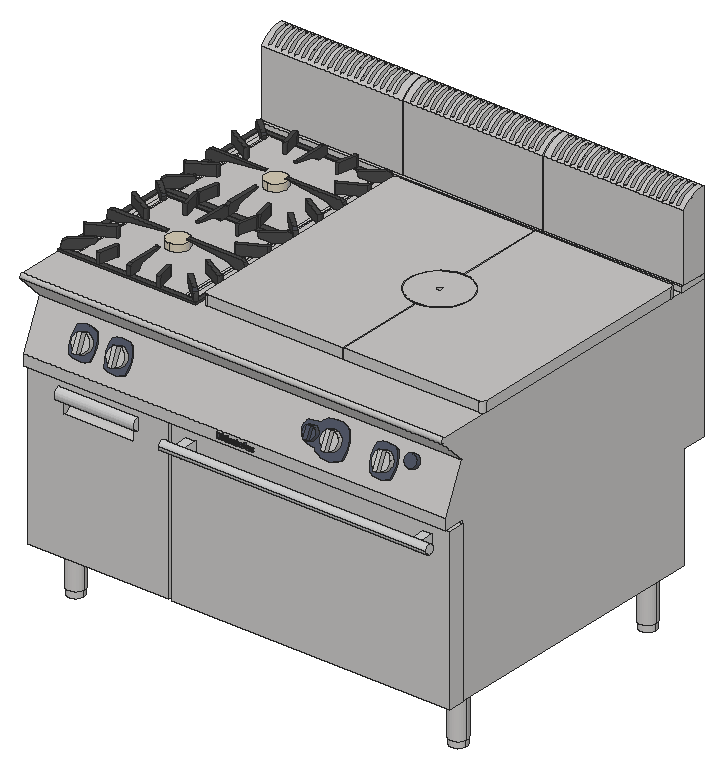
Revit family "QF_ELECTROLUXPROFESSIONAL_391215_E9STGL3031", category Specialty Equipment, Revit 2018
Family settings
  Round Connector Dimension = Use Diameter
  Part Type = Normal
  Work Plane-Based = No
  Always vertical = Yes
  Cut with Voids When Loaded = No
  Shared = No
  Room Calculation Point = No
Parameters
  Width = 1200 mm  # constant formula
  Weight in Pounds = 207  # constant formula
  Watts = 0 W
  Volts = 230 V
  URL Cutsheet = "www.electrolux.com"
  URL = "www.electrolux.com"
  Type Mark [instance] = ""
  Status [instance] = ""
  Specification by User [instance] = ""
  Specification by Manufacturer = ""
  Show Logo [instance] = yes
  Show Clearance [instance] = yes
  Serial Number = ""
  Seismic Rating = ""
  SMACNA No = ""
  Revision Code [instance] = ""
  Phase = 1
  Omniclass Number and Title = ""
  Number of Poles [instance] = 1
  NAFEM Spec ID Number = ""
  Model = "391215"
  Min Ckt Ampacity = 0 A
  Mechanical Remarks [instance] = ""
  Mechanical Connection Type [instance] = ""
  Max Overcurrent Protection = 0 A
  Masterspec = ""
  Manufacturer = "ELECTROLUX"
  Item Number [instance] = ""
  Installed By [instance] = ""
  Identify Quantity as Lot [instance] = yes
  Height = 909 mm  # constant formula
  HP = "0.3 HP"
  Gas Size = 12.7 mm  # 1/2"
  Gas RI Height [instance] = 0 mm
  Gas KW [instance] = 37  # constant formula
  Gas Input [instance] = 126133.0 Btu/h
  Gas Connection Height = 0 mm
  Furnished By [instance] = ""
  Foodservice Equipment Identifier [instance] = yes
  FL Amps = if(Phase = 3, Watts / (Volts * 1.73), Watts / Volts)  # 0 A
  Electrical Remarks = "230 V/1N ph/50/60 Hz"
  Electric Connection Type [instance] = ""
  Elec Conn RI Height [instance] = 0 mm
  Elec Conn Connection Height [instance] = 0 mm
  Direct Waste Size = 0"
  Description = "900XP GAS SOLID TOP, CONVECTION OVEN WITH TWO BURNERS AND CUPBOARD- LPG/NATURAL GAS"
  Depth = 700 mm  # constant formula
  Cycle = if([60 Hertz Option], 60 Hz, 50 Hz)  # 50 Hz
  Conn Plug = ""
  Conn Conduit = yes
  CSI MasterFormat = ""
  CSI Master Format = ""
  Assembly Code = ""
  Apparent Power = if(Phase = 3, Volts * FL Amps * 1.73, Volts * FL Amps)  # 0 VA
  60 Hertz Option = not([50 Hertz Option])  # no
  50 Hertz Option = yes
Reference planes
  plane 1 "BACK": y = 0
  plane 2: z = 0
  plane 3 "LEFT": x = 0
  plane 4 "RIGHT": x = 1200
  plane 5 "FRONT": y = -930
  plane 6 "TOP": z = 908
  plane 7 "Center Y": x = 600
  plane 8 "Center X": y = -465
  plane 9 "Base": z = 150
  plane 10: z = 851
  plane 11: y = -128
  plane 12: y = -802
  plane 13: y = -1309
  plane 14: y = -577
  plane 15: x = 1144
  plane 16: x = 56
  plane 17: z = 1089
  plane 18: x = 952
Forms (mm)
  Revolve 1, solid, material "QF_Finishes_Stainless Steel"
    sketch origin (1, -128, 0) x (1, 0, 0) y (0, 0, 1)
      loop
        line (55, 0) -> (55, 150) -> (29.6, 150) -> (29.6, 19.05) -> (32.1, 19.05) -> (32.1, 0) -> (55, 0)
      axis (55, 0) -> (55, 150)
    angle from 0 to 360
  Revolve 2, solid, material "QF_Finishes_Stainless Steel"
    sketch origin (1, -802, 0) x (1, 0, 0) y (0, 0, 1)
      loop
        line (55, 0) -> (55, 150) -> (29.6, 150) -> (29.6, 19.05) -> (32.1, 19.05) -> (32.1, 0) -> (55, 0)
      axis (55, 0) -> (55, 150)
    angle from 0 to 360
  Revolve 3, solid, material "QF_Finishes_Stainless Steel"
    sketch origin (799, -128, 0) x (-1, 0, 0) y (0, 0, -1)
      loop
        line (-345, 0) -> (-367.9, 0) -> (-367.9, -19.05) -> (-370.4, -19.05) -> (-370.4, -150) -> (-345, -150) -> (-345, 0)
      axis (-345, 0) -> (-345, -150)
    angle from 0 to 360
  Revolve 4, solid, material "QF_Finishes_Stainless Steel"
    sketch origin (799, -802, 0) x (-1, 0, 0) y (0, 0, -1)
      loop
        line (-345, 0) -> (-367.9, 0) -> (-367.9, -19.05) -> (-370.4, -19.05) -> (-370.4, -150) -> (-345, -150) -> (-345, 0)
      axis (-345, 0) -> (-345, -150)
    angle from 0 to 360
  Extrusion 5, solid, material "QF_Finishes_Stainless Steel"
    sketch origin (0, 0, 0) x (0, 1, 0) y (0, 0, 1)
      loop
        line (0, 450) -> (0, 851) -> (-921.37, 851)
        arc (-921.37, 851) -> (-929.343, 845.673) -> (-927.472, 836.268) r 8.63
        line (-927.472, 836.268) -> (-860.266, 766.933) -> (-915.833, 641.576) -> (-915.833, 610.279) -> (-857.839, 614.975)
        arc (-857.839, 614.975) -> (-855.314, 614.227) -> (-854.222, 611.831) r 3.175
        line (-854.222, 611.831) -> (-854.222, 150) -> (-71, 150) -> (-71, 450) -> (0, 450)
    from 0 to 1200
  Extrusion 6, solid, material "QF_Finishes_Stainless Steel"
    sketch origin (0, -854.222, 611.831) x (0, 0, -1) y (1, 0, 0)
      loop
        line (461.831, 408.5) -> (461.831, 1200) -> (9.61, 1200) -> (9.61, 408.5) -> (461.831, 408.5)
      loop
        line (461.831, 0) -> (461.831, 400.5) -> (9.61, 400.5) -> (9.61, 0) -> (461.831, 0)
      loop
        line (95.781, 100.253) -> (95.781, 300.8) -> (44.981, 300.8) -> (44.981, 100.253) -> (95.781, 100.253)
    from 3.175 to 47.778
  Extrusion 7, solid, material "QF_Finishes_Stainless Steel"
    sketch origin (0, 0, 576.213) x (0, 1, 0) y (0, 0, 1)
      loop
        line (0, 274.787) -> (0, 289.075) -> (-78.2, 289.075) -> (-78.2, 274.787) -> (0, 274.787)
    from 0 to 1200
  Extrusion 8, solid, material "QF_Door-Drawer Clearances", visible <- "Show Clearance", detail levels coarse
    sketch origin (0, -199.871, 0) x (0, 1, 0) y (0, 0, 1)
      loop
        line (-1109, 150) -> (-700, 150) -> (-700, 601.405)
        arc (-700, 601.405) -> (-991.543, 454.568) -> (-1109, 150) r 453.603
    from 0 to 1200
  Extrusion 9, solid, material "QF_Clearances", visible <- "Show Clearance", detail levels coarse
    sketch origin (0, -199.871, 0) x (1, 0, 0) y (0, 1, 0)
      loop
        line (-100, -730.129) -> (0, -730.129) -> (0, 199.871) -> (1200, 199.871) -> (1200, -730.129) -> (1300, -730.129) -> (1300, 299.871) -> (-100, 299.871) -> (-100, -730.129)
    from 0 to 1089
  Extrusion 10, solid, material "QF_Finishes_Handrails and Railings"
    sketch origin (400, -199.871, 0) x (0, 1, 0) y (0, 0, 1)
      loop
        line (-700, 580.101) -> (-738.678, 577.396)
        arc (-738.678, 577.396) -> (-739.871, 563.589) -> (-752.981, 559.093) r 12.7
        arc (-752.981, 559.093) -> (-752.44, 558.276) -> (-751.841, 557.501) r 13.441
        arc (-751.841, 557.501) -> (-750.036, 556.055) -> (-747.808, 555.435) r 5.77
        line (-747.808, 555.435) -> (-700, 552.092) -> (-700, 580.101)
    from 50.8 to 76.2
  Extrusion 11, solid, material "QF_Finishes_Handrails and Railings"
    sketch origin (1200, -199.871, 0) x (0, 1, 0) y (0, 0, -1)
      loop
        line (-700, -580.101) -> (-700, -552.092) -> (-747.808, -555.435)
        arc (-747.808, -555.435) -> (-750.036, -556.055) -> (-751.841, -557.501) r 5.77
        arc (-751.841, -557.501) -> (-752.44, -558.276) -> (-752.981, -559.093) r 13.441
        arc (-752.981, -559.093) -> (-739.871, -563.589) -> (-738.678, -577.396) r 12.7
        line (-738.678, -577.396) -> (-700, -580.101)
    from 50.8 to 76.2
  Extrusion 12, solid, material "QF_Finishes_Handrails and Railings"
    sketch origin (400, -199.871, 0) x (0, 1, 0) y (0, 0, 1)
      loop
        circle (-749.878, 571.409) r 12.7
    from 19.875 to 780.125
  Extrusion 13, solid, material "QF_Finishes_Handrails and Railings"
    sketch origin (177.525, -643.767, 1933.213) x (0, 0.885087, 0.465426) y (0, -0.465426, 0.885087)
      loop
        arc (-854.583, -1074.877) -> (-878.595, -1082.338) -> (-871.133, -1106.35) r 17.78
        line (-871.133, -1106.35) -> (-854.583, -1074.877)
    from -89.972 to 135.975
  Extrusion 14, solid, material "QF_Finishes_Stainless Steel"
    sketch origin (-22.5, -199.871, 28.959) x (0, 1, 0) y (0, 0, 1)
      loop
        line (-700, 487.091) -> (-657.087, 487.091) -> (-657.087, 537.891) -> (-678.147, 537.891) -> (-678.147, 511.564)
        arc (-678.147, 511.564) -> (-684.405, 495.159) -> (-700, 487.091) r 24.63
    from 122.753 to 323.3
  Extrusion 15, solid, material "QF_Finishes_Stainless Steel"
    sketch origin (402.6, -199.871, 850.85) x (0, -1, 0) y (1, 0, 0)
      loop
        arc (-97.871, 13.8) -> (-94.151, 4.82) -> (-85.171, 1.1) r 12.7
        line (-85.171, 1.1) -> (570.758, 1.1)
        arc (570.758, 1.1) -> (579.739, 4.82) -> (583.458, 13.8) r 12.7
        line (583.458, 13.8) -> (583.458, 398.413) -> (326.205, 398.413)
        arc (326.205, 398.413) -> (240.65, 314.787) -> (155.25, 398.571) r 85.497
        line (155.25, 398.571) -> (-97.871, 398.571) -> (-97.871, 13.8)
      loop
        arc (583.458, 784.7) -> (579.739, 793.68) -> (570.758, 797.4) r 12.7
        line (570.758, 797.4) -> (-85.171, 797.4)
        arc (-85.171, 797.4) -> (-94.151, 793.68) -> (-97.871, 784.7) r 12.7
        line (-97.871, 784.7) -> (-97.871, 401.528) -> (155.244, 401.528)
        arc (155.244, 401.528) -> (240.97, 485.459) -> (326.222, 401.047) r 85.5
        line (326.222, 401.047) -> (583.458, 401.047) -> (583.458, 784.7)
      loop
        circle (240.73, 400) r 82.6
      loop
        circle (240.73, 400) r 7
    from 0 to 28.575
  Extrusion 16, solid, material "QF_Finishes_Navy Blue"
    sketch origin (462.744, -913.643, 646.186) x (0, 0.418102, 0.9084) y (-1, 0, 0)
      loop
        arc (102.623, -510.47) -> (67.041, -502.846) -> (31.333, -509.853) r 90.5
        arc (31.333, -509.853) -> (24.507, -539.04) -> (31.333, -568.228) r 65.817
        arc (31.333, -568.228) -> (67.04, -575.188) -> (102.623, -567.615) r 91.066
        arc (102.623, -567.615) -> (109.179, -539.043) -> (102.623, -510.47) r 65.546
    from 0 to 3.175
  Extrusion 17, solid, material "QF_Finishes_Stainless Steel"
    sketch origin (841.494, -917.356, 645.711) x (0, 0.418102, 0.9084) y (-1, 0, 0)
      loop
        circle (68.826, -160.963) r 25.4
    from 0 to 12.7
  Extrusion 18, solid, material "QF_Finishes_Stainless Steel"
    sketch origin (841.494, -928.893, 651.021) x (0, 0.418102, 0.9084) y (-1, 0, 0)
      loop
        arc (93.558, -166.749) -> (94.226, -160.963) -> (93.558, -155.177) r 25.4
        line (93.558, -155.177) -> (44.094, -155.177)
        arc (44.094, -155.177) -> (43.426, -160.963) -> (44.094, -166.749) r 25.4
        line (44.094, -166.749) -> (93.558, -166.749)
    from 0 to 12.7
  Extrusion 19, solid, material "QF_Finishes_Navy Blue"
    sketch origin (762.014, -903.19, 668.896) x (0, 0.418102, 0.9084) y (-1, 0, 0)
      loop
        circle (65.471, -315.169) r 17.78
    from 0 to 12.7
  Extrusion 20, solid, material "QF_Finishes_Navy Blue"
    sketch origin (315.287, -913.643, 646.186) x (0, 0.418102, 0.9084) y (-1, 0, 0)
      loop
        arc (104.355, -502.587) -> (101.326, -501.258) -> (98.25, -500.039) r 91.066
        arc (98.25, -500.039) -> (96.592, -482.449) -> (93.213, -465.107) r 179.528
        arc (93.213, -465.107) -> (69.244, -452.795) -> (45.274, -465.107) r 29.489
        arc (45.274, -465.107) -> (38.909, -481.441) -> (37.449, -498.912) r 61.044
        arc (37.449, -498.912) -> (34.471, -499.962) -> (31.532, -501.116) r 91.066
        arc (31.532, -501.116) -> (19.517, -540.223) -> (32.929, -578.873) r 65.817
        arc (32.929, -578.873) -> (68.105, -585.173) -> (102.996, -577.452) r 91.066
        arc (102.996, -577.452) -> (115.418, -540.233) -> (104.355, -502.587) r 65.546
    from 0 to 3.175
  Extrusion 21, solid, material "QF_Finishes_Stainless Steel"
    sketch origin (694.037, -917.356, 645.711) x (0, 0.418102, 0.9084) y (-1, 0, 0)
      loop
        circle (68.826, -160.963) r 25.4
    from 0 to 12.7
  Extrusion 22, solid, material "QF_Finishes_Stainless Steel"
    sketch origin (694.037, -928.893, 651.021) x (0, 0.418102, 0.9084) y (-1, 0, 0)
      loop
        arc (93.558, -166.749) -> (94.226, -160.963) -> (93.558, -155.177) r 25.4
        line (93.558, -155.177) -> (44.094, -155.177)
        arc (44.094, -155.177) -> (43.426, -160.963) -> (44.094, -166.749) r 25.4
        line (44.094, -166.749) -> (93.558, -166.749)
    from 0 to 12.7
  Extrusion 23, solid, material "QF_Finishes_Navy Blue"
    sketch origin (636.537, -917.356, 645.711) x (0, 0.418102, 0.9084) y (-1, 0, 0)
      loop
        circle (68.826, -160.963) r 18.37
    from 0 to 12.7
  Extrusion 24, solid, material "QF_Finishes_Navy Blue"
    sketch origin (635.246, -928.893, 651.021) x (0, 0.418102, 0.9084) y (-1, 0, 0)
      loop
        arc (84.808, -167.687) -> (85.476, -161.901) -> (84.808, -156.114) r 25.4
        line (84.808, -156.114) -> (52.844, -156.114)
        arc (52.844, -156.114) -> (52.176, -161.901) -> (52.844, -167.687) r 25.4
        line (52.844, -167.687) -> (84.808, -167.687)
    from 0 to 8.112
  Extrusion 25, solid, material "QF_Finishes_Navy Blue"
    sketch origin (-392.256, -913.643, 646.186) x (0, 0.418102, 0.9084) y (-1, 0, 0)
      loop
        arc (102.623, -510.47) -> (67.041, -502.846) -> (31.333, -509.853) r 90.5
        arc (31.333, -509.853) -> (24.507, -539.04) -> (31.333, -568.228) r 65.817
        arc (31.333, -568.228) -> (67.04, -575.188) -> (102.623, -567.615) r 91.066
        arc (102.623, -567.615) -> (109.179, -539.043) -> (102.623, -510.47) r 65.546
    from 0 to 3.175
  Extrusion 26, solid, material "QF_Finishes_Stainless Steel"
    sketch origin (-13.506, -917.356, 645.711) x (0, 0.418102, 0.9084) y (-1, 0, 0)
      loop
        circle (68.826, -160.963) r 25.4
    from 0 to 12.7
  Extrusion 27, solid, material "QF_Finishes_Stainless Steel"
    sketch origin (-13.506, -928.893, 651.021) x (0, 0.418102, 0.9084) y (-1, 0, 0)
      loop
        arc (93.558, -166.749) -> (94.226, -160.963) -> (93.558, -155.177) r 25.4
        line (93.558, -155.177) -> (44.094, -155.177)
        arc (44.094, -155.177) -> (43.426, -160.963) -> (44.094, -166.749) r 25.4
        line (44.094, -166.749) -> (93.558, -166.749)
    from 0 to 12.7
  Extrusion 28, solid, material "QF_Finishes_Navy Blue"
    sketch origin (-292.256, -913.643, 646.186) x (0, 0.418102, 0.9084) y (-1, 0, 0)
      loop
        arc (102.623, -510.47) -> (67.041, -502.846) -> (31.333, -509.853) r 90.5
        arc (31.333, -509.853) -> (24.507, -539.04) -> (31.333, -568.228) r 65.817
        arc (31.333, -568.228) -> (67.04, -575.188) -> (102.623, -567.615) r 91.066
        arc (102.623, -567.615) -> (109.179, -539.043) -> (102.623, -510.47) r 65.546
    from 0 to 3.175
  Extrusion 29, solid, material "QF_Finishes_Stainless Steel"
    sketch origin (86.494, -917.356, 645.711) x (0, 0.418102, 0.9084) y (-1, 0, 0)
      loop
        circle (68.826, -160.963) r 25.4
    from 0 to 12.7
  Extrusion 30, solid, material "QF_Finishes_Stainless Steel"
    sketch origin (86.494, -928.893, 651.021) x (0, 0.418102, 0.9084) y (-1, 0, 0)
      loop
        arc (93.558, -166.749) -> (94.226, -160.963) -> (93.558, -155.177) r 25.4
        line (93.558, -155.177) -> (44.094, -155.177)
        arc (44.094, -155.177) -> (43.426, -160.963) -> (44.094, -166.749) r 25.4
        line (44.094, -166.749) -> (93.558, -166.749)
    from 0 to 12.7
  Extrusion 31, void
    sketch origin (134.989, 0, 1046.138) x (-1, 0, 0) y (0, -1, 0)
      loop
        line (-695.005, 6.761) -> (-685.709, 6.761) -> (-685.709, 65.911) -> (-695.005, 65.911) -> (-695.005, 6.761)
      loop
        line (-713.697, 6.761) -> (-704.401, 6.761) -> (-704.401, 65.911) -> (-713.697, 65.911) -> (-713.697, 6.761)
      loop
        line (-732.39, 6.761) -> (-723.094, 6.761) -> (-723.094, 65.911) -> (-732.39, 65.911) -> (-732.39, 6.761)
      loop
        line (-751.082, 6.761) -> (-741.787, 6.761) -> (-741.787, 65.911) -> (-751.082, 65.911) -> (-751.082, 6.761)
      loop
        line (-769.775, 6.761) -> (-760.479, 6.761) -> (-760.479, 65.911) -> (-769.775, 65.911) -> (-769.775, 6.761)
      loop
        line (-788.468, 6.761) -> (-779.172, 6.761) -> (-779.172, 65.911) -> (-788.468, 65.911) -> (-788.468, 6.761)
      loop
        line (-807.16, 6.761) -> (-797.864, 6.761) -> (-797.864, 65.911) -> (-807.16, 65.911) -> (-807.16, 6.761)
      loop
        line (-825.853, 6.761) -> (-816.557, 6.761) -> (-816.557, 65.911) -> (-825.853, 65.911) -> (-825.853, 6.761)
      loop
        line (-844.545, 6.761) -> (-835.25, 6.761) -> (-835.25, 65.911) -> (-844.545, 65.911) -> (-844.545, 6.761)
      loop
        line (-863.238, 6.761) -> (-853.942, 6.761) -> (-853.942, 65.911) -> (-863.238, 65.911) -> (-863.238, 6.761)
      loop
        line (-881.931, 6.761) -> (-872.635, 6.761) -> (-872.635, 65.911) -> (-881.931, 65.911) -> (-881.931, 6.761)
      loop
        line (-900.623, 6.761) -> (-891.328, 6.761) -> (-891.328, 65.911) -> (-900.623, 65.911) -> (-900.623, 6.761)
      loop
        line (-919.316, 6.761) -> (-910.02, 6.761) -> (-910.02, 65.911) -> (-919.316, 65.911) -> (-919.316, 6.761)
      loop
        line (-938.008, 6.761) -> (-928.713, 6.761) -> (-928.713, 65.911) -> (-938.008, 65.911) -> (-938.008, 6.761)
      loop
        line (-956.701, 6.761) -> (-947.405, 6.761) -> (-947.405, 65.911) -> (-956.701, 65.911) -> (-956.701, 6.761)
      loop
        line (-975.394, 6.761) -> (-966.098, 6.761) -> (-966.098, 65.911) -> (-975.394, 65.911) -> (-975.394, 6.761)
      loop
        line (-994.086, 6.761) -> (-984.791, 6.761) -> (-984.791, 65.911) -> (-994.086, 65.911) -> (-994.086, 6.761)
      loop
        line (-1012.779, 6.761) -> (-1003.483, 6.761) -> (-1003.483, 65.911) -> (-1012.779, 65.911) -> (-1012.779, 6.761)
      loop
        line (-1031.472, 6.761) -> (-1022.176, 6.761) -> (-1022.176, 65.911) -> (-1031.472, 65.911) -> (-1031.472, 6.761)
      loop
        line (-1050.164, 6.761) -> (-1040.868, 6.761) -> (-1040.868, 65.911) -> (-1050.164, 65.911) -> (-1050.164, 6.761)
    from 9.525 to 45.348
  Extrusion 32, solid, material "QF_Finishes_Stainless Steel"
    sketch origin (400, 0, 590.5) x (0, 1, 0) y (0, 0, 1)
      loop
        line (0, 274.788) -> (0, 498.5)
        arc (0, 498.5) -> (-38.846, 490.158) -> (-69.85, 465.312) r 86.395
        line (-69.85, 465.312) -> (-69.85, 274.788) -> (0, 274.788)
    from 400 to 800
  Extrusion 33, solid, material "QF_Finishes_Navy Blue", visible <- "Show Logo"
    sketch origin (261.109, -915.833, 613.273) x (0, 0, 1) y (-1, 0, 0)
      loop
        line (20.674, -296.698) -> (8.307, -296.698)
        arc (8.307, -296.698) -> (14.491, -301.27) -> (20.674, -296.698) r 6.467
      loop
        arc (20.674, -296.069) -> (19.505, -290.926) -> (14.849, -288.448) r 6.338
        line (14.849, -288.448) -> (14.849, -290.494)
        arc (14.849, -290.494) -> (16.333, -294.149) -> (19.778, -296.069) r 5.941
        line (19.778, -296.069) -> (20.674, -296.069)
      loop
        arc (9.203, -296.069) -> (12.648, -294.149) -> (14.132, -290.494) r 5.941
        line (14.132, -290.494) -> (14.132, -288.448)
        arc (14.132, -288.448) -> (9.438, -290.922) -> (8.148, -296.069) r 6.504
        line (8.148, -296.069) -> (9.203, -296.069)
      loop
        line (21.349, -287.979) -> (7.604, -287.979) -> (7.604, -301.742) -> (21.349, -301.742) -> (21.349, -287.979)
      loop
        arc (21.432, -304.71) -> (21.085, -304.352) -> (20.718, -304.69) r 0.358
        arc (20.718, -304.69) -> (20.404, -305.44) -> (19.687, -305.825) r 1.216
        line (19.687, -305.825) -> (9.274, -305.825)
        arc (9.274, -305.825) -> (8.614, -305.548) -> (8.218, -304.951) r 1.238
        arc (8.218, -304.951) -> (7.823, -304.7) -> (7.518, -305.054) r 0.358
        line (7.518, -305.054) -> (7.518, -314.933) -> (10.269, -314.933) -> (10.269, -314.036)
        arc (10.269, -314.036) -> (9.36, -313.456) -> (8.904, -312.479) r 1.928
        line (8.904, -312.479) -> (8.904, -309.98)
        arc (8.904, -309.98) -> (9.18, -309.251) -> (9.868, -308.887) r 1.101
        line (9.868, -308.887) -> (13.955, -308.887) -> (13.955, -312.561)
        arc (13.955, -312.561) -> (13.602, -313.058) -> (13.037, -313.286) r 1.083
        arc (13.037, -313.286) -> (12.773, -313.591) -> (13.065, -313.869) r 0.292
        line (13.065, -313.869) -> (16.028, -313.869)
        arc (16.028, -313.869) -> (16.33, -313.596) -> (16.092, -313.266) r 0.305
        arc (16.092, -313.266) -> (15.601, -313.018) -> (15.296, -312.561) r 1.083
        line (15.296, -312.561) -> (15.296, -308.887) -> (19.973, -308.887) -> (19.973, -312.635)
        arc (19.973, -312.635) -> (19.759, -313.39) -> (19.153, -313.888) r 1.314
        arc (19.153, -313.888) -> (18.934, -314.292) -> (19.288, -314.585) r 0.361
        line (19.288, -314.585) -> (21.432, -314.585) -> (21.432, -304.71)
      loop
        arc (20.715, -315.365) -> (20.335, -316.284) -> (19.416, -316.664) r 1.299
        line (19.416, -316.664) -> (9.837, -316.664)
        arc (9.837, -316.664) -> (8.999, -316.286) -> (8.728, -315.408) r 1.118
        line (8.728, -315.408) -> (7.518, -315.408) -> (7.518, -320.758) -> (8.706, -320.758)
        arc (8.706, -320.758) -> (8.978, -319.841) -> (9.848, -319.445) r 1.153
        line (9.848, -319.445) -> (21.92, -319.445) -> (20.715, -315.365)
      loop
        line (12.483, -323.394) -> (12.483, -329.842) -> (13.282, -329.842)
        arc (13.282, -329.842) -> (15.862, -328.857) -> (17.131, -326.404) r 3.874
        line (17.131, -326.404) -> (17.131, -324.643)
        arc (17.131, -324.643) -> (15.944, -321.778) -> (13.08, -320.592) r 4.051
        line (13.08, -320.592) -> (11.072, -320.592)
        arc (11.072, -320.592) -> (8.253, -322.077) -> (7.202, -325.084) r 4.352
        arc (7.202, -325.084) -> (7.566, -327.547) -> (8.943, -329.621) r 5.713
        line (8.943, -329.621) -> (9.892, -329.621)
        arc (9.892, -329.621) -> (9.16, -328.052) -> (8.943, -326.334) r 5.579
        arc (8.943, -326.334) -> (9.737, -324.371) -> (11.616, -323.394) r 3.057
        line (11.616, -323.394) -> (12.483, -323.394)
      loop
        line (13.742, -323.394) -> (13.742, -326.977)
        arc (13.742, -326.977) -> (15.199, -327.024) -> (16.082, -325.864) r 1.59
        line (16.082, -325.864) -> (16.082, -325.034)
        arc (16.082, -325.034) -> (15.217, -323.779) -> (13.742, -323.394) r 2.184
      loop
        arc (16.533, -339.259) -> (17.022, -337.585) -> (17.179, -335.848) r 9.023
        line (17.179, -335.848) -> (17.179, -334.486)
        arc (17.179, -334.486) -> (16.02, -331.686) -> (13.22, -330.527) r 3.959
        line (13.22, -330.527) -> (10.62, -330.527)
        arc (10.62, -330.527) -> (8.338, -331.819) -> (7.221, -334.192) r 4.331
        line (7.221, -334.192) -> (7.221, -336.327)
        arc (7.221, -336.327) -> (7.729, -337.877) -> (8.651, -339.223) r 5.772
        arc (8.651, -339.223) -> (9.412, -339.274) -> (9.499, -338.515) r 0.553
        arc (9.499, -338.515) -> (9.111, -337.781) -> (8.977, -336.962) r 2.573
        line (8.977, -336.962) -> (8.977, -335.447)
        arc (8.977, -335.447) -> (9.983, -333.806) -> (11.798, -333.163) r 2.884
        line (11.798, -333.163) -> (13.077, -333.163)
        arc (13.077, -333.163) -> (14.898, -333.723) -> (15.824, -335.388) r 2.554
        line (15.824, -335.388) -> (15.824, -336.441)
        arc (15.824, -336.441) -> (15.493, -337.369) -> (14.836, -338.104) r 2.564
        arc (14.836, -338.104) -> (14.614, -338.821) -> (15.223, -339.259) r 0.643
        line (15.223, -339.259) -> (16.533, -339.259)
      loop
        line (15.515, -339.53) -> (15.515, -341.031) -> (9.467, -341.031)
        arc (9.467, -341.031) -> (7.879, -341.688) -> (7.221, -343.276) r 2.246
        line (7.221, -343.276) -> (7.221, -344.86)
        arc (7.221, -344.86) -> (7.535, -345.725) -> (8.035, -346.496) r 4.06
        arc (8.035, -346.496) -> (8.768, -346.629) -> (9.019, -345.928) r 0.576
        arc (9.019, -345.928) -> (8.913, -345.403) -> (8.977, -344.87) r 1.69
        arc (8.977, -344.87) -> (9.519, -344.082) -> (10.425, -343.779) r 1.506
        line (10.425, -343.779) -> (15.563, -343.779) -> (15.563, -346.176) -> (16.119, -346.733) -> (16.941, -346.733) -> (16.941, -343.873) -> (20.172, -343.873) -> (15.515, -339.53)
      loop
        line (7.438, -347.63) -> (7.438, -353.017) -> (8.548, -353.017)
        arc (8.548, -353.017) -> (8.942, -352.066) -> (9.893, -351.672) r 1.345
        line (9.893, -351.672) -> (13.509, -351.672)
        arc (13.509, -351.672) -> (14.274, -352.264) -> (14.564, -353.186) r 1.615
        line (14.564, -353.186) -> (14.564, -354.742) -> (17.119, -355.427) -> (17.119, -354.044) -> (15.177, -351.485) -> (17.057, -351.485) -> (16.773, -348.779)
        arc (16.773, -348.779) -> (16.333, -348.249) -> (15.674, -348.45) r 0.621
        arc (15.674, -348.45) -> (15.274, -348.792) -> (14.78, -348.975) r 1.501
        line (14.78, -348.975) -> (9.893, -348.975)
        arc (9.893, -348.975) -> (8.942, -348.581) -> (8.548, -347.63) r 1.345
        line (8.548, -347.63) -> (7.438, -347.63)
      loop
        line (13.54, -354.964) -> (10.848, -354.964)
        arc (10.848, -354.964) -> (8.403, -356.272) -> (7.269, -358.803) r 4.288
        arc (7.269, -358.803) -> (7.205, -360.183) -> (7.269, -361.563) r 15.022
        arc (7.269, -361.563) -> (8.403, -364.094) -> (10.848, -365.401) r 4.288
        line (10.848, -365.401) -> (13.54, -365.401)
        arc (13.54, -365.401) -> (15.986, -364.094) -> (17.119, -361.563) r 4.288
        arc (17.119, -361.563) -> (17.183, -360.183) -> (17.119, -358.803) r 15.022
        arc (17.119, -358.803) -> (15.986, -356.272) -> (13.54, -354.964) r 4.288
      loop
        line (13.745, -358.078) -> (10.643, -358.078)
        arc (10.643, -358.078) -> (8.486, -360.235) -> (10.643, -362.392) r 2.157
        line (10.643, -362.392) -> (13.745, -362.392)
        arc (13.745, -362.392) -> (15.902, -360.235) -> (13.745, -358.078) r 2.157
      loop
        arc (20.726, -365.26) -> (20.355, -366.154) -> (19.461, -366.524) r 1.264
        line (19.461, -366.524) -> (9.597, -366.524)
        arc (9.597, -366.524) -> (8.727, -366.127) -> (8.455, -365.211) r 1.153
        line (8.455, -365.211) -> (7.518, -365.211) -> (7.518, -370.319) -> (8.446, -370.319)
        arc (8.446, -370.319) -> (8.805, -369.547) -> (9.597, -369.232) r 1.153
        line (9.597, -369.232) -> (21.92, -369.232) -> (20.726, -365.26)
      loop
        arc (15.846, -369.857) -> (15.647, -370.921) -> (14.678, -371.403) r 1.215
        line (14.678, -371.403) -> (9.658, -371.403)
        arc (9.658, -371.403) -> (8.043, -372.051) -> (7.322, -373.634) r 2.338
        line (7.322, -373.634) -> (7.322, -375.148)
        arc (7.322, -375.148) -> (7.497, -376.152) -> (7.999, -377.038) r 2.979
        line (7.999, -377.038) -> (7.518, -378.835) -> (7.518, -380.524) -> (16.943, -380.524) -> (16.649, -376.32) -> (15.863, -376.32)
        arc (15.863, -376.32) -> (15.507, -377.156) -> (14.755, -377.665) r 1.605
        line (14.755, -377.665) -> (9.652, -377.665)
        arc (9.652, -377.665) -> (9.232, -376.728) -> (9.159, -375.704) r 2.94
        arc (9.159, -375.704) -> (9.72, -374.603) -> (10.873, -374.16) r 1.724
        line (10.873, -374.16) -> (17.07, -374.16) -> (15.846, -369.857)
      loop
        line (16.874, -381.377) -> (15.202, -383.423) -> (12.028, -385.729) -> (8.572, -382.617)
        arc (8.572, -382.617) -> (8.335, -382.223) -> (8.357, -381.764) r 0.789
        line (8.357, -381.764) -> (7.518, -381.764) -> (7.518, -385.309) -> (8.344, -385.309)
        arc (8.344, -385.309) -> (8.686, -384.947) -> (9.176, -385.039) r 0.52
        line (9.176, -385.039) -> (10.976, -386.51) -> (8.858, -387.886)
        arc (8.858, -387.886) -> (8.457, -387.576) -> (8.37, -387.076) r 0.7
        line (8.37, -387.076) -> (7.518, -387.076) -> (7.518, -393.003) -> (8.405, -393.003)
        arc (8.405, -393.003) -> (8.472, -392.344) -> (8.866, -391.813) r 1.247
        line (8.866, -391.813) -> (13.066, -388.532) -> (15.513, -390.585) -> (16.874, -392.327) -> (16.874, -388.604) -> (15.389, -389.026) -> (13.868, -387.749) -> (15.568, -386.559) -> (16.874, -387.336) -> (16.874, -381.377)
    from 0 to 1.644
  Extrusion 34, solid, material "QF_Finishes_Stainless Steel"
    sketch origin (0, -854.222, 150) x (1, 0, 0) y (0, -1, 0)
      loop
        circle (1157, -277.222) r 12.7
    from 0 to 21
  Extrusion 35, void
    sketch origin (-265.011, 0, 1046.138) x (-1, 0, 0) y (0, -1, 0)
      loop
        line (-695.005, 6.761) -> (-685.709, 6.761) -> (-685.709, 65.911) -> (-695.005, 65.911) -> (-695.005, 6.761)
      loop
        line (-713.697, 6.761) -> (-704.401, 6.761) -> (-704.401, 65.911) -> (-713.697, 65.911) -> (-713.697, 6.761)
      loop
        line (-732.39, 6.761) -> (-723.094, 6.761) -> (-723.094, 65.911) -> (-732.39, 65.911) -> (-732.39, 6.761)
      loop
        line (-751.082, 6.761) -> (-741.787, 6.761) -> (-741.787, 65.911) -> (-751.082, 65.911) -> (-751.082, 6.761)
      loop
        line (-769.775, 6.761) -> (-760.479, 6.761) -> (-760.479, 65.911) -> (-769.775, 65.911) -> (-769.775, 6.761)
      loop
        line (-788.468, 6.761) -> (-779.172, 6.761) -> (-779.172, 65.911) -> (-788.468, 65.911) -> (-788.468, 6.761)
      loop
        line (-807.16, 6.761) -> (-797.864, 6.761) -> (-797.864, 65.911) -> (-807.16, 65.911) -> (-807.16, 6.761)
      loop
        line (-825.853, 6.761) -> (-816.557, 6.761) -> (-816.557, 65.911) -> (-825.853, 65.911) -> (-825.853, 6.761)
      loop
        line (-844.545, 6.761) -> (-835.25, 6.761) -> (-835.25, 65.911) -> (-844.545, 65.911) -> (-844.545, 6.761)
      loop
        line (-863.238, 6.761) -> (-853.942, 6.761) -> (-853.942, 65.911) -> (-863.238, 65.911) -> (-863.238, 6.761)
      loop
        line (-881.931, 6.761) -> (-872.635, 6.761) -> (-872.635, 65.911) -> (-881.931, 65.911) -> (-881.931, 6.761)
      loop
        line (-900.623, 6.761) -> (-891.328, 6.761) -> (-891.328, 65.911) -> (-900.623, 65.911) -> (-900.623, 6.761)
      loop
        line (-919.316, 6.761) -> (-910.02, 6.761) -> (-910.02, 65.911) -> (-919.316, 65.911) -> (-919.316, 6.761)
      loop
        line (-938.008, 6.761) -> (-928.713, 6.761) -> (-928.713, 65.911) -> (-938.008, 65.911) -> (-938.008, 6.761)
      loop
        line (-956.701, 6.761) -> (-947.405, 6.761) -> (-947.405, 65.911) -> (-956.701, 65.911) -> (-956.701, 6.761)
      loop
        line (-975.394, 6.761) -> (-966.098, 6.761) -> (-966.098, 65.911) -> (-975.394, 65.911) -> (-975.394, 6.761)
      loop
        line (-994.086, 6.761) -> (-984.791, 6.761) -> (-984.791, 65.911) -> (-994.086, 65.911) -> (-994.086, 6.761)
      loop
        line (-1012.779, 6.761) -> (-1003.483, 6.761) -> (-1003.483, 65.911) -> (-1012.779, 65.911) -> (-1012.779, 6.761)
      loop
        line (-1031.472, 6.761) -> (-1022.176, 6.761) -> (-1022.176, 65.911) -> (-1031.472, 65.911) -> (-1031.472, 6.761)
      loop
        line (-1050.164, 6.761) -> (-1040.868, 6.761) -> (-1040.868, 65.911) -> (-1050.164, 65.911) -> (-1050.164, 6.761)
    from 9.525 to 45.348
  Extrusion 36, solid, material "QF_Finishes_Stainless Steel"
    sketch origin (0, 0, 771.5) x (0, 1, 0) y (0, 0, 1)
      loop
        line (0, 93.788) -> (0, 317.5)
        arc (0, 317.5) -> (-38.846, 309.158) -> (-69.85, 284.312) r 86.395
        line (-69.85, 284.312) -> (-69.85, 93.788) -> (0, 93.788)
    from 400 to 800
  Extrusion 37, solid, material "QF_Finishes_Stainless Steel"
    sketch origin (0, -71, 60.877) x (0, 0, 1) y (1, 0, 0)
      loop
        line (389.123, 614.25) -> (389.123, 994.25) -> (266.123, 994.25) -> (266.123, 614.25) -> (389.123, 614.25)
    from 0 to 71
  Extrusion 38, solid, material "QF_Finishes_Stainless Steel"
    sketch origin (0, -71, 60.877) x (0, 0, 1) y (1, 0, 0)
      loop
        circle (132.123, 1157) r 6.35
    from 0 to 10
  Extrusion 39, solid, material "QF_Finishes_Stainless Steel"
    sketch origin (0, -116.54, 450) x (1, 0, 0) y (0, -1, 0)
      loop
        circle (1153, -84.54) r 6.35
    from 0 to 42
  Extrusion 40, solid, material "QF_Finishes_Stainless Steel"
    sketch origin (999.25, -71, 327) x (0, 1, 0) y (1, 0, 0)
      loop
        circle (10, -47.25) r 6.35
    from 0 to 5
  Extrusion 41, void
    sketch origin (1065.011, 0, 1046.138) x (1, 0, 0) y (0, 1, 0)
      loop
        line (-695.005, -6.761) -> (-695.005, -63.911) -> (-685.709, -63.911) -> (-685.709, -6.761) -> (-695.005, -6.761)
      loop
        line (-713.697, -6.761) -> (-713.697, -63.911) -> (-704.401, -63.911) -> (-704.401, -6.761) -> (-713.697, -6.761)
      loop
        line (-732.39, -6.761) -> (-732.39, -63.911) -> (-723.094, -63.911) -> (-723.094, -6.761) -> (-732.39, -6.761)
      loop
        line (-751.082, -6.761) -> (-751.082, -63.911) -> (-741.787, -63.911) -> (-741.787, -6.761) -> (-751.082, -6.761)
      loop
        line (-769.775, -6.761) -> (-769.775, -63.911) -> (-760.479, -63.911) -> (-760.479, -6.761) -> (-769.775, -6.761)
      loop
        line (-788.468, -6.761) -> (-788.468, -63.911) -> (-779.172, -63.911) -> (-779.172, -6.761) -> (-788.468, -6.761)
      loop
        line (-807.16, -6.761) -> (-807.16, -63.911) -> (-797.864, -63.911) -> (-797.864, -6.761) -> (-807.16, -6.761)
      loop
        line (-825.853, -6.761) -> (-825.853, -63.911) -> (-816.557, -63.911) -> (-816.557, -6.761) -> (-825.853, -6.761)
      loop
        line (-844.545, -6.761) -> (-844.545, -63.911) -> (-835.25, -63.911) -> (-835.25, -6.761) -> (-844.545, -6.761)
      loop
        line (-863.238, -6.761) -> (-863.238, -63.911) -> (-853.942, -63.911) -> (-853.942, -6.761) -> (-863.238, -6.761)
      loop
        line (-881.931, -6.761) -> (-881.931, -63.911) -> (-872.635, -63.911) -> (-872.635, -6.761) -> (-881.931, -6.761)
      loop
        line (-900.623, -6.761) -> (-900.623, -63.911) -> (-891.328, -63.911) -> (-891.328, -6.761) -> (-900.623, -6.761)
      loop
        line (-919.316, -6.761) -> (-919.316, -63.911) -> (-910.02, -63.911) -> (-910.02, -6.761) -> (-919.316, -6.761)
      loop
        line (-938.008, -6.761) -> (-938.008, -63.911) -> (-928.713, -63.911) -> (-928.713, -6.761) -> (-938.008, -6.761)
      loop
        line (-956.701, -6.761) -> (-956.701, -63.911) -> (-947.405, -63.911) -> (-947.405, -6.761) -> (-956.701, -6.761)
      loop
        line (-975.394, -6.761) -> (-975.394, -63.911) -> (-966.098, -63.911) -> (-966.098, -6.761) -> (-975.394, -6.761)
      loop
        line (-994.086, -6.761) -> (-994.086, -63.911) -> (-984.791, -63.911) -> (-984.791, -6.761) -> (-994.086, -6.761)
      loop
        line (-1012.779, -6.761) -> (-1012.779, -63.911) -> (-1003.483, -63.911) -> (-1003.483, -6.761) -> (-1012.779, -6.761)
      loop
        line (-1031.472, -6.761) -> (-1031.472, -63.911) -> (-1022.176, -63.911) -> (-1022.176, -6.761) -> (-1031.472, -6.761)
      loop
        line (-1050.164, -6.761) -> (-1050.164, -63.911) -> (-1040.868, -63.911) -> (-1040.868, -6.761) -> (-1050.164, -6.761)
    from 9.525 to 45.348
  Extrusion 42, solid, material "QF_Finishes_Stainless Steel"
    sketch origin (800, 0, 590.5) x (0, 1, 0) y (0, 0, -1)
      loop
        line (0, -274.788) -> (-69.85, -274.788) -> (-69.85, -465.312)
        arc (-69.85, -465.312) -> (-38.846, -490.158) -> (0, -498.5) r 86.395
        line (0, -498.5) -> (0, -274.788)
    from 400 to 800
Cuts and joins
  Extrusion 31, Extrusion 35, Extrusion 41 cuts Extrusion 32
  Extrusion 35 cuts Extrusion 36
  Extrusion 41 cuts Extrusion 42
Lines and regions (mm)
  symbolic lines, style "QF_Door-Drawer Clearances"
    curve 1: line (0, -930, 150) -> (0, -1308.871, 150)
    curve 2: line (0, -1308.871, 150) -> (1200, -1308.871, 150)
    curve 3: line (1200, -1308.871, 150) -> (1200, -930, 150)
  symbolic lines
    curve 4: line (1200, -930, 150) -> (0, -930, 150)
    curve 5: line (0, 0, 150) -> (0, -930, 150)
    curve 6: line (0, -69.85, 150) -> (1200, -69.85, 150)
    curve 7: line (0, -76.2, 150) -> (1200, -76.2, 150)
    curve 8: line (1200, -930, 150) -> (1200, 0, 150)
    curve 9: line (0, 0, 150) -> (1200, 0, 150)
    curve 13: line (1180.125, -962.449, 150) -> (419.875, -962.449, 150)
    curve 14: line (1180.125, -937.049, 150) -> (1180.125, -962.449, 150)
    curve 15: line (1149.2, -938.549, 150) -> (1149.2, -930, 150)
    curve 16: line (1123.8, -938.549, 150) -> (1123.8, -930, 150)
    curve 17: line (1123.8, -938.549, 150) -> (1149.2, -938.549, 150)
    curve 18: line (419.875, -937.049, 150) -> (450.8, -937.049, 150)
    curve 19: line (1149.2, -937.049, 150) -> (1180.125, -937.049, 150)
    curve 20: line (829.994, -6.761, 150) -> (829.994, -65.911, 150)
    curve 21: line (829.994, -65.911, 150) -> (820.698, -65.911, 150)
    curve 22: line (820.698, -65.911, 150) -> (820.698, -6.761, 150)
    curve 23: line (820.698, -6.761, 150) -> (829.994, -6.761, 150)
    curve 24: line (1035.612, -6.761, 150) -> (1035.612, -65.911, 150)
    curve 25: line (1035.612, -65.911, 150) -> (1026.317, -65.911, 150)
    curve 26: line (1026.317, -65.911, 150) -> (1026.317, -6.761, 150)
    curve 27: line (1026.317, -6.761, 150) -> (1035.612, -6.761, 150)
    curve 28: line (1016.92, -6.761, 150) -> (1016.92, -65.911, 150)
    curve 29: line (1016.92, -65.911, 150) -> (1007.624, -65.911, 150)
    curve 30: line (1007.624, -65.911, 150) -> (1007.624, -6.761, 150)
    curve 31: line (1007.624, -6.761, 150) -> (1016.92, -6.761, 150)
    curve 32: line (998.227, -6.761, 150) -> (998.227, -65.911, 150)
    curve 33: line (998.227, -65.911, 150) -> (988.931, -65.911, 150)
    curve 34: line (988.931, -65.911, 150) -> (988.931, -6.761, 150)
    curve 35: line (988.931, -6.761, 150) -> (998.227, -6.761, 150)
    curve 36: line (979.534, -6.761, 150) -> (979.534, -65.911, 150)
    curve 37: line (979.534, -65.911, 150) -> (970.239, -65.911, 150)
    curve 38: line (970.239, -65.911, 150) -> (970.239, -6.761, 150)
    curve 39: line (970.239, -6.761, 150) -> (979.534, -6.761, 150)
    curve 40: line (960.842, -6.761, 150) -> (960.842, -65.911, 150)
    curve 41: line (960.842, -65.911, 150) -> (951.546, -65.911, 150)
    curve 42: line (951.546, -65.911, 150) -> (951.546, -6.761, 150)
    curve 43: line (951.546, -6.761, 150) -> (960.842, -6.761, 150)
    curve 44: line (942.149, -6.761, 150) -> (942.149, -65.911, 150)
    curve 45: line (942.149, -65.911, 150) -> (932.854, -65.911, 150)
    curve 46: line (932.854, -65.911, 150) -> (932.854, -6.761, 150)
    curve 47: line (932.854, -6.761, 150) -> (942.149, -6.761, 150)
    curve 48: line (923.457, -6.761, 150) -> (923.457, -65.911, 150)
    curve 49: line (923.457, -65.911, 150) -> (914.161, -65.911, 150)
    curve 50: line (914.161, -65.911, 150) -> (914.161, -6.761, 150)
    curve 51: line (914.161, -6.761, 150) -> (923.457, -6.761, 150)
    curve 52: line (904.764, -6.761, 150) -> (904.764, -65.911, 150)
    curve 53: line (904.764, -65.911, 150) -> (895.468, -65.911, 150)
    curve 54: line (895.468, -65.911, 150) -> (895.468, -6.761, 150)
    curve 55: line (895.468, -6.761, 150) -> (904.764, -6.761, 150)
    curve 56: line (886.071, -6.761, 150) -> (886.071, -65.911, 150)
    curve 57: line (886.071, -65.911, 150) -> (876.776, -65.911, 150)
    curve 58: line (876.776, -65.911, 150) -> (876.776, -6.761, 150)
    curve 59: line (876.776, -6.761, 150) -> (886.071, -6.761, 150)
    curve 60: line (867.379, -6.761, 150) -> (867.379, -65.911, 150)
    curve 61: line (867.379, -65.911, 150) -> (858.083, -65.911, 150)
    curve 62: line (858.083, -65.911, 150) -> (858.083, -6.761, 150)
    curve 63: line (858.083, -6.761, 150) -> (867.379, -6.761, 150)
    curve 64: line (848.686, -6.761, 150) -> (848.686, -65.911, 150)
    curve 65: line (848.686, -65.911, 150) -> (839.39, -65.911, 150)
    curve 66: line (839.39, -65.911, 150) -> (839.39, -6.761, 150)
    curve 67: line (839.39, -6.761, 150) -> (848.686, -6.761, 150)
    curve 68: line (1185.153, -6.761, 150) -> (1185.153, -65.911, 150)
    curve 69: line (1185.153, -65.911, 150) -> (1175.857, -65.911, 150)
    curve 70: line (1175.857, -65.911, 150) -> (1175.857, -6.761, 150)
    curve 71: line (1175.857, -6.761, 150) -> (1185.153, -6.761, 150)
    curve 72: line (1166.461, -6.761, 150) -> (1166.461, -65.911, 150)
    curve 73: line (1166.461, -65.911, 150) -> (1157.165, -65.911, 150)
    curve 74: line (1157.165, -65.911, 150) -> (1157.165, -6.761, 150)
    curve 75: line (1157.165, -6.761, 150) -> (1166.461, -6.761, 150)
    curve 76: line (1147.768, -6.761, 150) -> (1147.768, -65.911, 150)
    curve 77: line (1147.768, -65.911, 150) -> (1138.472, -65.911, 150)
    curve 78: line (1138.472, -65.911, 150) -> (1138.472, -6.761, 150)
    curve 79: line (1138.472, -6.761, 150) -> (1147.768, -6.761, 150)
    curve 80: line (1129.075, -6.761, 150) -> (1129.075, -65.911, 150)
    curve 81: line (1129.075, -65.911, 150) -> (1119.78, -65.911, 150)
    curve 82: line (1119.78, -65.911, 150) -> (1119.78, -6.761, 150)
    curve 83: line (1119.78, -6.761, 150) -> (1129.075, -6.761, 150)
    curve 84: line (1110.383, -6.761, 150) -> (1110.383, -65.911, 150)
    curve 85: line (1110.383, -65.911, 150) -> (1101.087, -65.911, 150)
    curve 86: line (1101.087, -65.911, 150) -> (1101.087, -6.761, 150)
    curve 87: line (1101.087, -6.761, 150) -> (1110.383, -6.761, 150)
    curve 88: line (1091.69, -6.761, 150) -> (1091.69, -65.911, 150)
    curve 89: line (1091.69, -65.911, 150) -> (1082.394, -65.911, 150)
    curve 90: line (1082.394, -65.911, 150) -> (1082.394, -6.761, 150)
    curve 91: line (1082.394, -6.761, 150) -> (1091.69, -6.761, 150)
    curve 92: line (1072.998, -6.761, 150) -> (1072.998, -65.911, 150)
    curve 93: line (1072.998, -65.911, 150) -> (1063.702, -65.911, 150)
    curve 94: line (1063.702, -65.911, 150) -> (1063.702, -6.761, 150)
    curve 95: line (1063.702, -6.761, 150) -> (1072.998, -6.761, 150)
    curve 96: line (1054.305, -6.761, 150) -> (1054.305, -65.911, 150)
    curve 97: line (1054.305, -65.911, 150) -> (1045.009, -65.911, 150)
    curve 98: line (1045.009, -65.911, 150) -> (1045.009, -6.761, 150)
    curve 99: line (1045.009, -6.761, 150) -> (1054.305, -6.761, 150)
    curve 100: line (800, -69.85, 150) -> (800, 0, 150)
    curve 101: line (801.171, -102, 150) -> (416.4, -102, 150)
    curve 102: arc (416.4, -102, 150) -> (407.42, -105.72, 150) -> (403.7, -114.7, 150) r 12.7
    curve 103: line (403.7, -114.7, 150) -> (403.7, -770.629, 150)
    curve 104: arc (403.7, -770.629, 150) -> (407.42, -779.609, 150) -> (416.4, -783.329, 150) r 12.7
    curve 105: line (416.4, -783.329, 150) -> (801.013, -783.329, 150)
    curve 106: line (801.013, -783.329, 150) -> (801.013, -526.076, 150)
    curve 107: arc (801.013, -526.076, 150) -> (717.387, -440.521, 150) -> (801.171, -355.121, 150) r 85.497
    curve 108: line (801.171, -355.121, 150) -> (801.171, -102, 150)
    curve 109: line (1187.3, -102, 150) -> (804.128, -102, 150)
    curve 110: line (804.128, -102, 150) -> (804.128, -355.114, 150)
    curve 111: arc (804.128, -355.114, 150) -> (888.059, -440.841, 150) -> (803.647, -526.093, 150) r 85.5
    curve 112: line (803.647, -526.093, 150) -> (803.647, -783.329, 150)
    curve 113: line (803.647, -783.329, 150) -> (1187.3, -783.329, 150)
    curve 114: arc (1187.3, -783.329, 150) -> (1196.28, -779.609, 150) -> (1200, -770.629, 150) r 12.7
    curve 115: arc (1200, -114.7, 150) -> (1196.28, -105.72, 150) -> (1187.3, -102, 150) r 12.7
    curve 116: arc (802.6, -358.001, 150) -> (720, -440.601, 150) -> (802.6, -523.201, 150) r 82.6
    curve 117: arc (802.6, -523.201, 150) -> (885.2, -440.601, 150) -> (802.6, -358.001, 150) r 82.6
    curve 118: arc (802.6, -433.601, 150) -> (809.6, -440.601, 150) -> (802.6, -447.601, 150) r 7
    curve 119: arc (802.6, -447.601, 150) -> (795.6, -440.601, 150) -> (802.6, -433.601, 150) r 7
    curve 120: line (450.8, -938.549, 150) -> (450.8, -930, 150)
    curve 121: line (476.2, -930, 150) -> (476.2, -938.549, 150)
    curve 122: line (419.875, -937.049, 150) -> (450.8, -937.049, 150)
    curve 123: line (419.875, -962.449, 150) -> (419.875, -937.049, 150)
    curve 124: line (450.8, -938.549, 150) -> (476.2, -938.549, 150)
    curve 125: line (476.2, -937.049, 150) -> (1123.8, -937.049, 150)
    curve 126: line (429.994, -6.761, 150) -> (429.994, -65.911, 150)
    curve 127: line (429.994, -65.911, 150) -> (420.698, -65.911, 150)
    curve 128: line (420.698, -65.911, 150) -> (420.698, -6.761, 150)
    curve 129: line (420.698, -6.761, 150) -> (429.994, -6.761, 150)
    curve 130: line (635.612, -6.761, 150) -> (635.612, -65.911, 150)
    curve 131: line (635.612, -65.911, 150) -> (626.317, -65.911, 150)
    curve 132: line (626.317, -65.911, 150) -> (626.317, -6.761, 150)
    curve 133: line (626.317, -6.761, 150) -> (635.612, -6.761, 150)
    curve 134: line (616.92, -6.761, 150) -> (616.92, -65.911, 150)
    curve 135: line (616.92, -65.911, 150) -> (607.624, -65.911, 150)
    curve 136: line (607.624, -65.911, 150) -> (607.624, -6.761, 150)
    curve 137: line (607.624, -6.761, 150) -> (616.92, -6.761, 150)
    curve 138: line (598.227, -6.761, 150) -> (598.227, -65.911, 150)
    curve 139: line (598.227, -65.911, 150) -> (588.931, -65.911, 150)
    curve 140: line (588.931, -65.911, 150) -> (588.931, -6.761, 150)
    curve 141: line (588.931, -6.761, 150) -> (598.227, -6.761, 150)
    curve 142: line (579.534, -6.761, 150) -> (579.534, -65.911, 150)
    curve 143: line (579.534, -65.911, 150) -> (570.239, -65.911, 150)
    curve 144: line (570.239, -65.911, 150) -> (570.239, -6.761, 150)
    curve 145: line (570.239, -6.761, 150) -> (579.534, -6.761, 150)
    curve 146: line (560.842, -6.761, 150) -> (560.842, -65.911, 150)
    curve 147: line (560.842, -65.911, 150) -> (551.546, -65.911, 150)
    curve 148: line (551.546, -65.911, 150) -> (551.546, -6.761, 150)
    curve 149: line (551.546, -6.761, 150) -> (560.842, -6.761, 150)
    curve 150: line (542.149, -6.761, 150) -> (542.149, -65.911, 150)
    curve 151: line (542.149, -65.911, 150) -> (532.854, -65.911, 150)
    curve 152: line (532.854, -65.911, 150) -> (532.854, -6.761, 150)
    curve 153: line (532.854, -6.761, 150) -> (542.149, -6.761, 150)
    curve 154: line (523.457, -6.761, 150) -> (523.457, -65.911, 150)
    curve 155: line (523.457, -65.911, 150) -> (514.161, -65.911, 150)
    curve 156: line (514.161, -65.911, 150) -> (514.161, -6.761, 150)
    curve 157: line (514.161, -6.761, 150) -> (523.457, -6.761, 150)
    curve 158: line (504.764, -6.761, 150) -> (504.764, -65.911, 150)
    curve 159: line (504.764, -65.911, 150) -> (495.468, -65.911, 150)
    curve 160: line (495.468, -65.911, 150) -> (495.468, -6.761, 150)
    curve 161: line (495.468, -6.761, 150) -> (504.764, -6.761, 150)
    curve 162: line (486.071, -6.761, 150) -> (486.071, -65.911, 150)
    curve 163: line (486.071, -65.911, 150) -> (476.776, -65.911, 150)
    curve 164: line (476.776, -65.911, 150) -> (476.776, -6.761, 150)
    curve 165: line (476.776, -6.761, 150) -> (486.071, -6.761, 150)
    curve 166: line (467.379, -6.761, 150) -> (467.379, -65.911, 150)
    curve 167: line (467.379, -65.911, 150) -> (458.083, -65.911, 150)
    curve 168: line (458.083, -65.911, 150) -> (458.083, -6.761, 150)
    curve 169: line (458.083, -6.761, 150) -> (467.379, -6.761, 150)
    curve 170: line (448.686, -6.761, 150) -> (448.686, -65.911, 150)
    curve 171: line (448.686, -65.911, 150) -> (439.39, -65.911, 150)
    curve 172: line (439.39, -65.911, 150) -> (439.39, -6.761, 150)
    curve 173: line (439.39, -6.761, 150) -> (448.686, -6.761, 150)
    curve 174: line (785.153, -6.761, 150) -> (785.153, -65.911, 150)
    curve 175: line (785.153, -65.911, 150) -> (775.857, -65.911, 150)
    curve 176: line (775.857, -65.911, 150) -> (775.857, -6.761, 150)
    curve 177: line (775.857, -6.761, 150) -> (785.153, -6.761, 150)
    curve 178: line (766.461, -6.761, 150) -> (766.461, -65.911, 150)
    curve 179: line (766.461, -65.911, 150) -> (757.165, -65.911, 150)
    curve 180: line (757.165, -65.911, 150) -> (757.165, -6.761, 150)
    curve 181: line (757.165, -6.761, 150) -> (766.461, -6.761, 150)
    curve 182: line (747.768, -6.761, 150) -> (747.768, -65.911, 150)
    curve 183: line (747.768, -65.911, 150) -> (738.472, -65.911, 150)
    curve 184: line (738.472, -65.911, 150) -> (738.472, -6.761, 150)
    curve 185: line (738.472, -6.761, 150) -> (747.768, -6.761, 150)
    curve 186: line (729.075, -6.761, 150) -> (729.075, -65.911, 150)
    curve 187: line (729.075, -65.911, 150) -> (719.78, -65.911, 150)
    curve 188: line (719.78, -65.911, 150) -> (719.78, -6.761, 150)
    curve 189: line (719.78, -6.761, 150) -> (729.075, -6.761, 150)
    curve 190: line (710.383, -6.761, 150) -> (710.383, -65.911, 150)
    curve 191: line (710.383, -65.911, 150) -> (701.087, -65.911, 150)
    curve 192: line (701.087, -65.911, 150) -> (701.087, -6.761, 150)
    curve 193: line (701.087, -6.761, 150) -> (710.383, -6.761, 150)
    curve 194: line (691.69, -6.761, 150) -> (691.69, -65.911, 150)
    curve 195: line (691.69, -65.911, 150) -> (682.394, -65.911, 150)
    curve 196: line (682.394, -65.911, 150) -> (682.394, -6.761, 150)
    curve 197: line (682.394, -6.761, 150) -> (691.69, -6.761, 150)
    curve 198: line (672.998, -6.761, 150) -> (672.998, -65.911, 150)
    curve 199: line (672.998, -65.911, 150) -> (663.702, -65.911, 150)
    curve 200: line (663.702, -65.911, 150) -> (663.702, -6.761, 150)
    curve 201: line (663.702, -6.761, 150) -> (672.998, -6.761, 150)
    curve 202: line (654.305, -6.761, 150) -> (654.305, -65.911, 150)
    curve 203: line (654.305, -65.911, 150) -> (645.009, -65.911, 150)
    curve 204: line (645.009, -65.911, 150) -> (645.009, -6.761, 150)
    curve 205: line (645.009, -6.761, 150) -> (654.305, -6.761, 150)
    curve 206: line (800, -69.85, 150) -> (800, 0, 150)
    curve 207: line (400, -69.85, 150) -> (400, 0, 150)
    curve 208: line (14.847, -63.911, 0) -> (14.847, -6.761, 0)
    curve 209: line (14.847, -6.761, 0) -> (24.143, -6.761, 0)
    curve 210: line (24.143, -6.761, 0) -> (24.143, -63.911, 0)
    curve 211: line (24.143, -63.911, 0) -> (14.847, -63.911, 0)
    curve 212: line (33.539, -63.911, 0) -> (33.539, -6.761, 0)
    curve 213: line (33.539, -6.761, 0) -> (42.835, -6.761, 0)
    curve 214: line (42.835, -6.761, 0) -> (42.835, -63.911, 0)
    curve 215: line (42.835, -63.911, 0) -> (33.539, -63.911, 0)
    curve 216: line (52.232, -63.911, 0) -> (52.232, -6.761, 0)
    curve 217: line (52.232, -6.761, 0) -> (61.528, -6.761, 0)
    curve 218: line (61.528, -6.761, 0) -> (61.528, -63.911, 0)
    curve 219: line (61.528, -63.911, 0) -> (52.232, -63.911, 0)
    curve 220: line (70.925, -63.911, 0) -> (70.925, -6.761, 0)
    curve 221: line (70.925, -6.761, 0) -> (80.22, -6.761, 0)
    curve 222: line (80.22, -6.761, 0) -> (80.22, -63.911, 0)
    curve 223: line (80.22, -63.911, 0) -> (70.925, -63.911, 0)
    curve 224: line (89.617, -63.911, 0) -> (89.617, -6.761, 0)
    curve 225: line (89.617, -6.761, 0) -> (98.913, -6.761, 0)
    curve 226: line (98.913, -6.761, 0) -> (98.913, -63.911, 0)
    curve 227: line (98.913, -63.911, 0) -> (89.617, -63.911, 0)
    curve 228: line (108.31, -63.911, 0) -> (108.31, -6.761, 0)
    curve 229: line (108.31, -6.761, 0) -> (117.606, -6.761, 0)
    curve 230: line (117.606, -6.761, 0) -> (117.606, -63.911, 0)
    curve 231: line (117.606, -63.911, 0) -> (108.31, -63.911, 0)
    curve 232: line (127.002, -63.911, 0) -> (127.002, -6.761, 0)
    curve 233: line (127.002, -6.761, 0) -> (136.298, -6.761, 0)
    curve 234: line (136.298, -6.761, 0) -> (136.298, -63.911, 0)
    curve 235: line (136.298, -63.911, 0) -> (127.002, -63.911, 0)
    curve 236: line (145.695, -63.911, 0) -> (145.695, -6.761, 0)
    curve 237: line (145.695, -6.761, 0) -> (154.991, -6.761, 0)
    curve 238: line (154.991, -6.761, 0) -> (154.991, -63.911, 0)
    curve 239: line (154.991, -63.911, 0) -> (145.695, -63.911, 0)
    curve 240: line (164.388, -63.911, 0) -> (164.388, -6.761, 0)
    curve 241: line (164.388, -6.761, 0) -> (173.683, -6.761, 0)
    curve 242: line (173.683, -6.761, 0) -> (173.683, -63.911, 0)
    curve 243: line (173.683, -63.911, 0) -> (164.388, -63.911, 0)
    curve 244: line (183.08, -63.911, 0) -> (183.08, -6.761, 0)
    curve 245: line (183.08, -6.761, 0) -> (192.376, -6.761, 0)
    curve 246: line (192.376, -6.761, 0) -> (192.376, -63.911, 0)
    curve 247: line (192.376, -63.911, 0) -> (183.08, -63.911, 0)
    curve 248: line (201.773, -63.911, 0) -> (201.773, -6.761, 0)
    curve 249: line (201.773, -6.761, 0) -> (211.069, -6.761, 0)
    curve 250: line (211.069, -6.761, 0) -> (211.069, -63.911, 0)
    curve 251: line (211.069, -63.911, 0) -> (201.773, -63.911, 0)
    curve 252: line (220.466, -63.911, 0) -> (220.466, -6.761, 0)
    curve 253: line (220.466, -6.761, 0) -> (229.761, -6.761, 0)
    curve 254: line (229.761, -6.761, 0) -> (229.761, -63.911, 0)
    curve 255: line (229.761, -63.911, 0) -> (220.466, -63.911, 0)
    curve 256: line (239.158, -63.911, 0) -> (239.158, -6.761, 0)
    curve 257: line (239.158, -6.761, 0) -> (248.454, -6.761, 0)
    curve 258: line (248.454, -6.761, 0) -> (248.454, -63.911, 0)
    curve 259: line (248.454, -63.911, 0) -> (239.158, -63.911, 0)
    curve 260: line (257.851, -63.911, 0) -> (257.851, -6.761, 0)
    curve 261: line (257.851, -6.761, 0) -> (267.146, -6.761, 0)
    curve 262: line (267.146, -6.761, 0) -> (267.146, -63.911, 0)
    curve 263: line (267.146, -63.911, 0) -> (257.851, -63.911, 0)
    curve 264: line (276.543, -63.911, 0) -> (276.543, -6.761, 0)
    curve 265: line (276.543, -6.761, 0) -> (285.839, -6.761, 0)
    curve 266: line (285.839, -6.761, 0) -> (285.839, -63.911, 0)
    curve 267: line (285.839, -63.911, 0) -> (276.543, -63.911, 0)
    curve 268: line (295.236, -63.911, 0) -> (295.236, -6.761, 0)
    curve 269: line (295.236, -6.761, 0) -> (304.532, -6.761, 0)
    curve 270: line (304.532, -6.761, 0) -> (304.532, -63.911, 0)
    curve 271: line (304.532, -63.911, 0) -> (295.236, -63.911, 0)
    curve 272: line (313.929, -63.911, 0) -> (313.929, -6.761, 0)
    curve 273: line (313.929, -6.761, 0) -> (323.224, -6.761, 0)
    curve 274: line (323.224, -6.761, 0) -> (323.224, -63.911, 0)
    curve 275: line (323.224, -63.911, 0) -> (313.929, -63.911, 0)
    curve 276: line (332.621, -63.911, 0) -> (332.621, -6.761, 0)
    curve 277: line (332.621, -6.761, 0) -> (341.917, -6.761, 0)
    curve 278: line (341.917, -6.761, 0) -> (341.917, -63.911, 0)
    curve 279: line (341.917, -63.911, 0) -> (332.621, -63.911, 0)
    curve 280: line (351.314, -63.911, 0) -> (351.314, -6.761, 0)
    curve 281: line (351.314, -6.761, 0) -> (360.61, -6.761, 0)
    curve 282: line (360.61, -6.761, 0) -> (360.61, -63.911, 0)
    curve 283: line (360.61, -63.911, 0) -> (351.314, -63.911, 0)
    curve 284: line (370.006, -63.911, 0) -> (370.006, -6.761, 0)
    curve 285: line (370.006, -6.761, 0) -> (379.302, -6.761, 0)
    curve 286: line (379.302, -6.761, 0) -> (379.302, -63.911, 0)
    curve 287: line (379.302, -63.911, 0) -> (370.006, -63.911, 0)
  symbolic lines, style "QF_Clearances", visible <- "Show Clearance", detail levels coarse
    curve 10: line (-100, -930, 150) -> (-100, 100, 150)
    curve 11: line (-100, 100, 150) -> (1300, 100, 150)
    curve 12: line (1300, 100, 150) -> (1300, -930, 150)
Dimensions and locks
  equal spacing: plane 3 "LEFT", plane 7 "Center Y", plane 4 "RIGHT"
  plane 3 "LEFT" to plane 4 "RIGHT" = 1200 mm
  equal spacing: plane 5 "FRONT", plane 8 "Center X", plane 1 "BACK"
  plane 5 "FRONT" to plane 1 "BACK" = 930 mm  (x2)
  plane 9 "Base" to level = 150 mm
  plane 6 "TOP" to plane 10 = 57 mm
  Extrusion 5 sketch curve to plane 1 "BACK" = 71 mm
  plane 9 "Base" to Extrusion 5 sketch curve = 300 mm
  Extrusion 8 to plane 12 to plane 11 to plane 1 "BACK" = 97.871 mm, 674 mm, 128 mm
  plane 10 to plane 2 = 851 mm
  Extrusion 8 to plane 1 "BACK" = 899.871 mm
  plane 13 to plane 1 "BACK" = 1309 mm
  Extrusion 5 to plane 1 "BACK" = 71 mm
  Extrusion 5 to plane 9 "Base" = 300 mm
  plane 9 "Base" to plane 2 = 150 mm
  plane 14 to plane 1 "BACK" = 577 mm
  plane 4 "RIGHT" to plane 15 to plane 16 to plane 3 "LEFT" = 56 mm, 1088 mm, 56 mm
  plane 17 to plane 2 = 1089 mm
  plane 17 to plane 10 = 238 mm
  Extrusion 37 to plane 2 = 327 mm
  plane 18 to plane 4 "RIGHT" = 248 mm
  Extrusion 39 to plane 2 = 408 mm
  aligned and locked: level to plane 2
Automatic sketch dimensions
  curve 116 to curve 117 = 0 mm  (x2)
  curve 116 to curve 118 = 0 mm  (x2)
  curve 116 to curve 119 = 0 mm  (x2)
  curve 117 to curve 118 = 0 mm  (x2)
  curve 117 to curve 119 = 0 mm  (x2)
  curve 118 to curve 119 = 0 mm  (x2)
  plane 5 "FRONT" to curve 12 = 0 mm
  curve 2 to plane 4 "RIGHT" = 0 mm
  plane 5 "FRONT" to curve 15 = 0 mm
  plane 1 "BACK" to curve 100 = 0 mm
  curve 5 to plane 3 "LEFT" = 0 mm
  plane 5 "FRONT" to curve 10 = 0 mm
  plane 4 "RIGHT" to curve 11 = 100 mm
